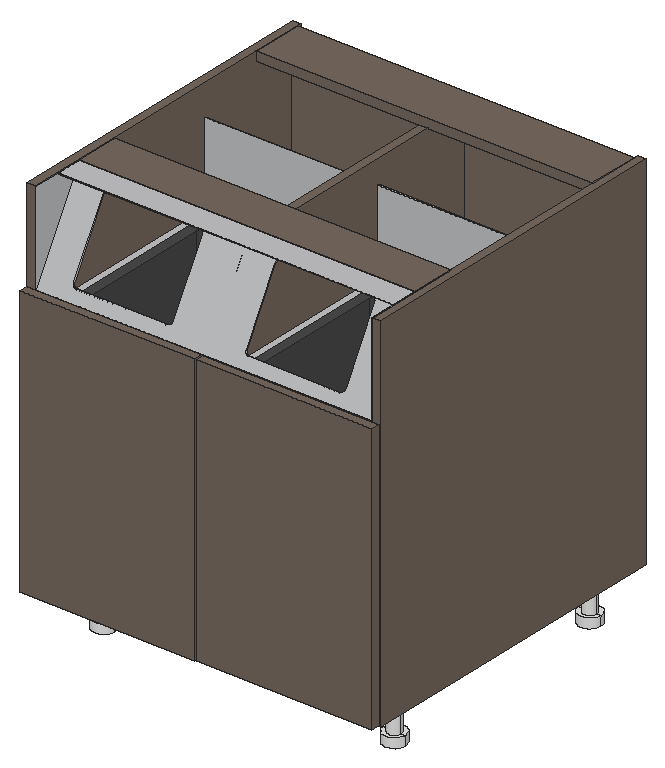
Revit family "Base_Cabinets-Teknion-CEBWU_Base_Cabinet_Recycling_Disposal_Center-R2023", category Furniture, Revit 2023 (continued)
Dimensions and locks (in)
  aligned and locked: curve 36 to Sweep 23
  aligned and locked: curve 37 to cut or joined group of Sweep 16, Sweep 18, Sweep 20, Sweep 21, Sweep 24
  aligned and locked: curve 38 to cut or joined group of Sweep 16, Sweep 18, Sweep 20, Sweep 21, Sweep 24
  aligned and locked: curve 41 to cut or joined group of Sweep 16, Sweep 18, Sweep 20, Sweep 21, Sweep 24
  aligned and locked: cut or joined group of Sweep 16, Sweep 18, Sweep 20, Sweep 21, Sweep 24 to curve 42
  aligned and locked: cut or joined group of Sweep 16, Sweep 18, Sweep 20, Sweep 21, Sweep 24 to curve 50
  aligned and locked: curve 49 to cut or joined group of Sweep 16, Sweep 18, Sweep 20, Sweep 21, Sweep 24
  aligned and locked: curve 45 to cut or joined group of Sweep 16, Sweep 18, Sweep 20, Sweep 21, Sweep 24
  aligned and locked: cut or joined group of Sweep 16, Sweep 18, Sweep 20, Sweep 21, Sweep 24 to curve 46
  aligned and locked: curve 39 to cut or joined group of Sweep 16, Sweep 18, Sweep 20, Sweep 21, Sweep 24
  aligned and locked: cut or joined group of Sweep 16, Sweep 18, Sweep 20, Sweep 21, Sweep 24 to curve 40
  aligned and locked: curve 47 to cut or joined group of Sweep 16, Sweep 18, Sweep 20, Sweep 21, Sweep 24
  aligned and locked: cut or joined group of Sweep 16, Sweep 18, Sweep 20, Sweep 21, Sweep 24 to curve 48
  aligned and locked: curve 43 to cut or joined group of Sweep 16, Sweep 18, Sweep 20, Sweep 21, Sweep 24
  aligned and locked: cut or joined group of Sweep 16, Sweep 18, Sweep 20, Sweep 21, Sweep 24 to curve 44
  aligned and locked: curve 51 to cut or joined group of Sweep 16, Sweep 18, Sweep 20, Sweep 21, Sweep 24
  aligned and locked: curve 52 to cut or joined group of Sweep 16, Sweep 18, Sweep 20, Sweep 21, Sweep 24
  aligned and locked: cut or joined group of Sweep 16, Sweep 18, Sweep 20, Sweep 21, Sweep 24 to curve 53
  aligned and locked: curve 54 to cut or joined group of Sweep 16, Sweep 18, Sweep 20, Sweep 21, Sweep 24
  aligned and locked: curve 55 to cut or joined group of Sweep 16, Sweep 18, Sweep 20, Sweep 21, Sweep 24
  aligned and locked: curve 56 to cut or joined group of Sweep 16, Sweep 18, Sweep 20, Sweep 21, Sweep 24
  aligned and locked: curve 57 to cut or joined group of Sweep 16, Sweep 18, Sweep 20, Sweep 21, Sweep 24
  aligned and locked: curve 58 to cut or joined group of Sweep 16, Sweep 18, Sweep 20, Sweep 21, Sweep 24
  aligned and locked: curve 59 to cut or joined group of Sweep 16, Sweep 18, Sweep 20, Sweep 21, Sweep 24
  aligned and locked: curve 60 to Revolve 9
  aligned and locked: curve 61 to Revolve 9
  aligned and locked: curve 62 to Revolve 9
  aligned and locked: curve 63 to Revolve 9
  aligned and locked: curve 64 to Revolve 6
  aligned and locked: curve 65 to Revolve 6
  aligned and locked: curve 66 to Revolve 6
  aligned and locked: curve 67 to Revolve 6
  aligned and locked: curve 68 to Revolve 8
  aligned and locked: curve 69 to Revolve 8
  aligned and locked: curve 70 to Revolve 8
  aligned and locked: curve 71 to Revolve 8
  aligned and locked: curve 72 to Revolve 7
  aligned and locked: curve 73 to Revolve 7
  aligned and locked: curve 74 to Revolve 7
  aligned and locked: curve 75 to Revolve 7
  aligned and locked: curve 76 to Revolve 28
  aligned and locked: curve 77 to Revolve 28
  aligned and locked: curve 78 to Revolve 28
  aligned and locked: curve 79 to Revolve 28
  aligned and locked: curve 80 to Sweep 26
  aligned and locked: Sweep 26 to curve 82
  aligned and locked: curve 81 to Sweep 26
  aligned and locked: curve 84 to Sweep 26
  aligned and locked: Sweep 26 to curve 85
  aligned and locked: curve 83 to Sweep 26
  aligned and locked: Sweep 11 to curve 90
  aligned and locked: curve 87 to Sweep 11
  aligned and locked: Sweep 11 to curve 88
  aligned and locked: curve 86 to Sweep 11
  aligned and locked: curve 89 to Sweep 11
  aligned and locked: Sweep 11 to curve 91
  aligned and locked: curve 96 to Sweep 26
  aligned and locked: curve 93 to Sweep 26
  aligned and locked: curve 92 to Sweep 26
  aligned and locked: Sweep 26 to curve 94
  aligned and locked: curve 95 to Sweep 26
  aligned and locked: Sweep 26 to curve 97
  aligned and locked: curve 98 to Sweep 5
  aligned and locked: curve 100 to nested 6
  aligned and locked: curve 102 to nested 6
  aligned and locked: curve 104 to nested 6
  aligned and locked: curve 106 to nested 6
  aligned and locked: curve 108 to nested 6
  aligned and locked: curve 110 to nested 6
  aligned and locked: curve 112 to nested 6
  aligned and locked: curve 114 to nested 6
  aligned and locked: curve 116 to nested 8
  aligned and locked: curve 118 to nested 8
  aligned and locked: curve 120 to nested 8
  aligned and locked: curve 122 to nested 8
  aligned and locked: curve 124 to nested 8
  aligned and locked: curve 126 to nested 8
  aligned and locked: curve 128 to nested 8
  aligned and locked: curve 130 to nested 8
  aligned and locked: curve 132 to nested 5
  aligned and locked: curve 134 to nested 5
  aligned and locked: curve 136 to nested 5
  aligned and locked: curve 138 to nested 5
  aligned and locked: curve 140 to nested 5
  aligned and locked: curve 142 to nested 5
  aligned and locked: curve 144 to nested 5
  aligned and locked: curve 146 to nested 5
  aligned and locked: curve 153 to cut or joined group of Sweep 12, Sweep 13, Sweep 14, Sweep 15, Sweep 17
  aligned and locked: nested 5 to curve 157
  aligned and locked: curve 158 to nested 5
  aligned and locked: curve 159 to nested 5
  aligned and locked: curve 163 to nested 5
  aligned and locked: curve 164 to nested 5
  aligned and locked: Sweep 15 to curve 149
  aligned and locked: Sweep 15 to curve 150
  aligned and locked: Sweep 15 to curve 154
  aligned and locked: plane 16 to nested 10
  aligned and locked: plane 7 "Front" to nested 10
  aligned and locked: nested 9 to plane 15
  aligned and locked: plane 7 "Front" to nested 9
  aligned and locked: Sweep 17 sketch curve to Sweep 17 sketch curve  (x2)
  aligned and locked: curve 10 to curve 153
  aligned and locked: curve 10 to curve 165
  aligned and locked: curve 10 to curve 167
  aligned and locked: Sweep 17 to curve 165
  aligned and locked: Sweep 17 to curve 167
  aligned and locked: nested 6 to curve 169
  aligned and locked: curve 172 to nested 6
  aligned and locked: curve 173 to nested 6
  aligned and locked: curve 10 to curve 171
  aligned and locked: curve 10 to curve 169
  aligned and locked: curve 10 to curve 174
  aligned and locked: curve 10 to curve 176
  aligned and locked: curve 174 to Sweep 17
  aligned and locked: curve 176 to Sweep 17
  aligned and locked: nested 8 to curve 178
  aligned and locked: curve 181 to nested 8
  aligned and locked: curve 182 to nested 8
  aligned and locked: curve 10 to curve 178
  aligned and locked: curve 10 to curve 180
  aligned and locked: Sweep 17 to curve 184
  aligned and locked: curve 185 to Sweep 17
  aligned and locked: curve 190 to nested 6
  aligned and locked: curve 191 to nested 6
  aligned and locked: Sweep 17 to curve 194
  aligned and locked: curve 199 to nested 8
  aligned and locked: curve 200 to nested 8
Automatic sketch dimensions
  Sweep 17 sketch curve to profile plane = 0.000"
  Revolve 6 sketch curve to level = 3.11614"
  plane 14 to Revolve 6 sketch curve = 0.02362"
  Revolve 7 sketch curve to level = 2.11614"
  plane 14 to Revolve 7 sketch curve = 0.02362"
  Revolve 8 sketch curve to level = 1.11614"
  Revolve 8 sketch curve to plane 14 = 0.72638"
  Revolve 9 sketch curve to plane 14 = 0.47638"
  Revolve 9 sketch curve to level = 3.11614"
  plane 7 "Front" to Masking region 2 sketch curve = 0.000"
  plane 4 "Left" to Masking region 2 sketch curve = 0.05906"
  plane 5 "Right" to Masking region 2 sketch curve = 0.05906"
  Masking region 2 sketch curve to plane 7 "Front" = 0.70079"
  Sweep 11 sketch curve to Sweep 11 sketch curve = 0.15748"  (x2)
  Sweep 11 sketch curve to Sweep 11 sketch curve = 0.000"  (x4)
  Sweep 15 sketch curve to profile plane = 0.000"
  profile plane to Sweep 15 sketch curve = 0.3937"
  Sweep 15 sketch curve to Sweep 15 sketch curve = 0.3937"  (x2)
  Sweep 15 sketch curve to Sweep 15 sketch curve = 6.02362"  (x2)
  Sweep 15 sketch curve to plane 3 "Center Left/Right" = 3.8563"
  plane 3 "Center Left/Right" to Sweep 15 sketch curve = 3.8563"
  Sweep 19 sketch curve to Sweep 19 sketch curve = 7.35781"
  Sweep 19 sketch curve to Sweep 19 sketch curve = 3.06859"
  Sweep 26 sketch curve to Sweep 26 sketch curve = 0.15748"  (x4)
  Sweep 26 sketch curve to Sweep 26 sketch curve = 0.000"  (x8)
  Revolve 28 sketch curve to level = 1.8035"
  plane 12 to Revolve 28 sketch curve = 0.44453"
  Sweep 17 sketch curve to Sweep 17 sketch curve = 0.3937"  (x2)
  profile plane to Sweep 17 sketch curve = 0.3937"  (x2)
  profile plane to Sweep 17 sketch curve = 6.41732"
  plane 7 "Front" to curve 88 = 0.000"
  plane 7 "Front" to curve 89 = 0.000"
  plane 7 "Front" to curve 91 = 0.000"
  plane 7 "Front" to curve 92 = 0.000"
  plane 7 "Front" to curve 94 = 0.000"
  plane 7 "Front" to curve 86 = 0.000"
  plane 7 "Front" to curve 85 = 0.000"
  plane 7 "Front" to curve 95 = 0.000"
  plane 7 "Front" to curve 97 = 0.000"
  plane 7 "Front" to curve 80 = 0.000"
  plane 7 "Front" to curve 82 = 0.000"
  plane 7 "Front" to curve 83 = 0.000"
  curve 72 to plane 11 "Foot 1" = 0.000"  (x2)
  curve 79 to plane 11 "Foot 1" = 0.000"  (x2)
  curve 78 to plane 11 "Foot 1" = 0.000"  (x2)
  curve 67 to plane 11 "Foot 1" = 0.000"  (x2)
  curve 66 to plane 11 "Foot 1" = 0.000"  (x2)
  curve 74 to plane 11 "Foot 1" = 0.000"  (x2)
  curve 68 to plane 10 "Foot 2" = 0.000"  (x2)
  curve 63 to plane 10 "Foot 2" = 0.000"  (x2)
  curve 62 to plane 10 "Foot 2" = 0.000"  (x2)
  curve 69 to plane 10 "Foot 2" = 0.000"  (x2)
  curve 193 to plane 7 "Front" = 1.33858"
  curve 134 to curve 148 = 0.37358"
  curve 102 to curve 185 = 0.37358"
  curve 154 to curve 35 = 0.30161"
  curve 175 to plane 11 "Foot 1" = 0.86066"
  curve 165 to plane 11 "Foot 1" = 0.86066"
  curve 193 to curve 195 = 0.04091"
  curve 183 to curve 186 = 0.04091"
  curve 148 to curve 147 = 0.04091"
  curve 177 to curve 175 = 0.04091"
  curve 168 to curve 165 = 0.04091"
  curve 151 to curve 152 = 0.04091"
  curve 11 to curve 24 = 0.000"
  curve 12 to curve 25 = 0.000"
  curve 13 to curve 26 = 0.000"
  curve 14 to curve 27 = 0.000"
  curve 15 to curve 28 = 0.000"
  curve 16 to curve 29 = 0.000"
  curve 11 to curve 18 = 0.000"
  curve 12 to curve 19 = 0.000"
  curve 13 to curve 20 = 0.000"
  curve 14 to curve 21 = 0.000"
  curve 15 to curve 22 = 0.000"
  curve 16 to curve 23 = 0.000"
  curve 6 to plane 6 "Back" = 0.31496"
  curve 5 to plane 6 "Back" = 0.31496"
Nested families (in)
  nested 1: "Teknion_2D_Node_Family-R2016" at (6, 0, 0), type "Teknion_2D_Node_Family-R2016"
  nested 2: "Teknion_2D_Node_Family-R2016" at (6, -29, 0), type "Teknion_2D_Node_Family-R2016"
  nested 3: "Teknion_2D_Node_Family-R2016" at (36, 0, 0), type "Teknion_2D_Node_Family-R2016"
  nested 4: "Teknion_2D_Node_Family-R2016" at (36, -29, 0), type "Teknion_2D_Node_Family-R2016"
  nested 5: "Bin" at (27.1811, -36.07043, -5.32835) x (-1, 0, 0) z (0, 0, 1), visible <- "1 & 3 Bins", type "Bin"
    with To render please download texture images found here "https://assets.teknion.com/web/5e81352c1dfdb467/revit-material-swatches/", How To Use Teknion Materials User Guide "https://assets.teknion.com/m/205dd0a49fa58060/original/How-to-add-a-Material-Library-and-Texture-Images-to-your-Revit-project.pdf", For Additional Finishes please visit "https://assets.teknion.com/m/44a8009b046e5d47/original/Teknion_Materials_Library.zip"
  nested 6: "Bin" at (19.8561, -36.07043, -5.32835) x (-1, 0, 0) z (0, 0, 1), visible <- "2 & 3 Bins", type "Bin"
    with To render please download texture images found here "https://assets.teknion.com/web/5e81352c1dfdb467/revit-material-swatches/", How To Use Teknion Materials User Guide "https://assets.teknion.com/m/205dd0a49fa58060/original/How-to-add-a-Material-Library-and-Texture-Images-to-your-Revit-project.pdf", For Additional Finishes please visit "https://assets.teknion.com/m/44a8009b046e5d47/original/Teknion_Materials_Library.zip"
  nested 7: "Teknion_2D_Node_Family-R2016" at (21, -29, 0), visible <- "2D - Symbol - 1 & 3 Doors", type "Teknion_2D_Node_Family-R2016"
  nested 8: "Bin" at (34.5061, -36.07043, -5.32835) x (-1, 0, 0) z (0, 0, 1), visible <- "2 & 3 Bins", type "Bin"
    with To render please download texture images found here "https://assets.teknion.com/web/5e81352c1dfdb467/revit-material-swatches/", How To Use Teknion Materials User Guide "https://assets.teknion.com/m/205dd0a49fa58060/original/How-to-add-a-Material-Library-and-Texture-Images-to-your-Revit-project.pdf", For Additional Finishes please visit "https://assets.teknion.com/m/44a8009b046e5d47/original/Teknion_Materials_Library.zip"
  nested 9: "Teknion_2D_Node_Family-R2016" at (13.675, -29, 0), visible <- "2D - Symbol - 2 & 3 Doors", type "Teknion_2D_Node_Family-R2016"
  nested 10: "Teknion_2D_Node_Family-R2016" at (28.325, -29, 0), visible <- "2D - Symbol - 2 & 3 Doors", type "Teknion_2D_Node_Family-R2016"
Definition of nested family "Bin"
  Parameters (values of type "Bin")
    Warranty = "http://www.teknion.com/ca/papers/legal-canada"
    Unit Weight URL = "http://www.teknion.com/ca/tools/assets#&asset=bee6a381-b954-425e-8283-5a2de3a804f2,f828d448-4b62-4231-9e5f-9a8991c0ed77"
    URL = "www.teknion.com"
    To render please download texture images found here [instance] = "https://assets.teknion.com/web/5e81352c1dfdb467/revit-material-swatches/"
    Sustainability Data = "https://www.teknion.com/ca/tools/assets#&topic=216f99a5-57a0-44fc-b10a-9dee9b29ae4c&asset=444deb64-fe58-4b68-981e-f75e97781df7,b4ff2d81-9f2e-437d-9659-7cffb09c31cf"
    Series = ""
    Product Page URL = ""
    Product Line = ""
    Product Documentation Link = ""
    Part Number = ""
    Model = ""
    Manufacturer Phone = "416-661-3370"  # constant formula
    Manufacturer Fax = "416.661.4586"  # constant formula
    Manufacturer Contact Information = "http://www.teknion.com/ca/contactus"
    Manufacturer Address = "1150 Flint Road, Toronto, ON. M3J 2J5. Canada"  # constant formula
    Manufacturer = "Teknion"  # constant formula
    How To Use Teknion Materials User Guide [instance] = "https://assets.teknion.com/m/205dd0a49fa58060/original/How-to-add-a-Material-Library-and-Texture-Images-to-your-Revit-project.pdf"
    For Additional Finishes please visit [instance] = "https://assets.teknion.com/m/44a8009b046e5d47/original/Teknion_Materials_Library.zip"
    Description = "Bin"
    Default Elevation = 0.000"
    Assembly Code = "E2020200"
  Reference planes (in)
    plane 1 "Center Front/Back": y = -15.53543
    plane 2: z = 0
    plane 3 "Center Left/Right": x = 6.1811
    plane 4 "Left": x = 1.1811
    plane 5 "Right": x = 11.1811
    plane 6 "Back": y = -8.03543
    plane 7 "Front": y = -23.03543
    plane 8 "Top": z = 31.91102
    plane 9: z = 11.43858
  Forms (in)
    Sweep 1, solid
      path origin (0, -15.53543, 0) x (1, 0, 0) y (0, 0, 1)
        loop
          line (6.1811, 11.43858) -> (6.1811, 30.72992)
      profile origin (6.1811, -15.53543, 21.08425) x (-1, 0, 0) y (0, -1, 0)
        loop
          line (-4.40945, 5.98425) -> (-4.40945, -5.98425)
          arc (-4.40945, -5.98425) -> (-4.17882, -6.54103) -> (-3.62205, -6.77165) r 0.7874
          line (-3.62205, -6.77165) -> (3.62205, -6.77165)
          arc (3.62205, -6.77165) -> (4.17882, -6.54103) -> (4.40945, -5.98425) r 0.7874
          line (4.40945, -5.98425) -> (4.40945, 5.98425)
          arc (4.40945, 5.98425) -> (4.17882, 6.54103) -> (3.62205, 6.77165) r 0.7874
          line (3.62205, 6.77165) -> (-3.62205, 6.77165)
          arc (-3.62205, 6.77165) -> (-4.17882, 6.54103) -> (-4.40945, 5.98425) r 0.7874
    Sweep 2, solid
      path origin (0, -15.53543, 0) x (1, 0, 0) y (0, 0, 1)
        loop
          line (6.1811, 31.91102) -> (6.1811, 30.72992)
      profile origin (6.1811, -15.53543, 31.32047) x (0, -1, 0) y (1, 0, 0)
        loop
          line (6.7126, 5) -> (-6.7126, 5)
          arc (-6.7126, 5) -> (-7.26938, 4.76938) -> (-7.5, 4.2126) r 0.7874
          line (-7.5, 4.2126) -> (-7.5, -4.2126)
          arc (-7.5, -4.2126) -> (-7.26938, -4.76938) -> (-6.7126, -5) r 0.7874
          line (-6.7126, -5) -> (6.7126, -5)
          arc (6.7126, -5) -> (7.26938, -4.76938) -> (7.5, -4.2126) r 0.7874
          line (7.5, -4.2126) -> (7.5, 4.2126)
          arc (7.5, 4.2126) -> (7.26938, 4.76938) -> (6.7126, 5) r 0.7874
    Sweep 3, void
      path origin (0, -15.53543, 0) x (1, 0, 0) y (0, 0, 1)
        loop
          line (6.1811, 12.22598) -> (6.1811, 33.22598)
      profile origin (6.1811, -15.53543, 22.72598) x (-1, 0, 0) y (0, -1, 0)
        loop
          line (4.17323, -5.90551) -> (4.17323, 5.90551)
          arc (4.17323, 5.90551) -> (4.00026, 6.32309) -> (3.58268, 6.49606) r 0.59055
          line (3.58268, 6.49606) -> (-3.58268, 6.49606)
          arc (-3.58268, 6.49606) -> (-4.00026, 6.32309) -> (-4.17323, 5.90551) r 0.59055
          line (-4.17323, 5.90551) -> (-4.17323, -5.90551)
          arc (-4.17323, -5.90551) -> (-4.00026, -6.32309) -> (-3.58268, -6.49606) r 0.59055
          line (-3.58268, -6.49606) -> (3.58268, -6.49606)
          arc (3.58268, -6.49606) -> (4.00026, -6.32309) -> (4.17323, -5.90551) r 0.59055
  Cuts and joins
    Sweep 3 cuts Sweep 1
    Sweep 3 cuts Sweep 2
    joined: Sweep 1, Sweep 2
  Lines and regions (in)
    symbolic lines, detail levels medium+fine
      curve 1: line (10.3937, -8.03543, 0) -> (1.9685, -8.03543, 0)
      curve 2: arc (1.9685, -8.03543, 0) -> (1.41173, -8.26606, 0) -> (1.1811, -8.82283, 0) r 0.7874
      curve 3: line (1.1811, -8.82283, 0) -> (1.1811, -22.24803, 0)
      curve 4: arc (1.1811, -22.24803, 0) -> (1.41173, -22.80481, 0) -> (1.9685, -23.03543, 0) r 0.7874
      curve 5: line (1.9685, -23.03543, 0) -> (10.3937, -23.03543, 0)
      curve 6: arc (10.3937, -23.03543, 0) -> (10.95048, -22.80481, 0) -> (11.1811, -22.24803, 0) r 0.7874
      curve 7: line (11.1811, -22.24803, 0) -> (11.1811, -8.82283, 0)
      curve 8: arc (11.1811, -8.82283, 0) -> (10.95048, -8.26606, 0) -> (10.3937, -8.03543, 0) r 0.7874
      curve 9: line (2.59843, -9.03937, 0) -> (9.76378, -9.03937, 0)
      curve 10: arc (9.76378, -9.03937, 0) -> (10.18136, -9.21234, 0) -> (10.35433, -9.62992, 0) r 0.59055
      curve 11: line (10.35433, -9.62992, 0) -> (10.35433, -21.44094, 0)
      curve 12: arc (10.35433, -21.44094, 0) -> (10.18136, -21.85853, 0) -> (9.76378, -22.0315, 0) r 0.59055
      curve 13: line (9.76378, -22.0315, 0) -> (2.59843, -22.0315, 0)
      curve 14: arc (2.59843, -22.0315, 0) -> (2.18084, -21.85853, 0) -> (2.00787, -21.44094, 0) r 0.59055
      curve 15: line (2.00787, -21.44094, 0) -> (2.00787, -9.62992, 0)
      curve 16: arc (2.00787, -9.62992, 0) -> (2.18084, -9.21234, 0) -> (2.59843, -9.03937, 0) r 0.59055
      curve 17: line (9.80315, -8.76378, 0) -> (2.55906, -8.76378, 0)
      curve 18: line (1.77165, -9.55118, 0) -> (1.77165, -21.51969, 0)
      curve 19: line (2.55906, -22.30709, 0) -> (9.80315, -22.30709, 0)
      curve 20: arc (1.77165, -9.55118, 0) -> (2.00228, -8.9944, 0) -> (2.55906, -8.76378, 0) r 0.7874
      curve 21: arc (1.77165, -21.51969, 0) -> (2.00228, -22.07646, 0) -> (2.55906, -22.30709, 0) r 0.7874
      curve 22: arc (10.59055, -21.51969, 0) -> (10.35993, -22.07646, 0) -> (9.80315, -22.30709, 0) r 0.7874
      curve 23: arc (10.59055, -9.55118, 0) -> (10.35993, -8.9944, 0) -> (9.80315, -8.76378, 0) r 0.7874
      curve 24: line (10.59055, -21.51969, 0) -> (10.59055, -9.55118, 0)
  Dimensions and locks (in)
    plane 4 "Left" to plane 5 "Right" = 10.000"
    plane 6 "Back" to plane 7 "Front" = 15.000"
    plane 8 "Top" to level = 31.91102"
    equal spacing: plane 6 "Back", plane 1 "Center Front/Back", plane 7 "Front"
    equal spacing: plane 4 "Left", plane 3 "Center Left/Right", plane 5 "Right"
    locked: plane 9 to plane 2 at 11.43858
    aligned and locked: level to plane 2
    aligned and locked: curve 24 to cut or joined group of Sweep 1, Sweep 2, Sweep 3
  Automatic sketch dimensions
    Sweep 1 sketch curve to plane 3 "Center Left/Right" = 0.000"
    Sweep 1 sketch curve to plane 9 = 0.000"
    Sweep 1 sketch curve to plane 8 "Top" = 1.1811"
    profile plane to Sweep 1 sketch curve = 4.40945"
    Sweep 1 sketch curve to Sweep 1 sketch curve = 0.7874"  (x3)
    Sweep 1 sketch curve to profile plane = 3.62205"  (x2)
    Sweep 1 sketch curve to plane 1 "Center Front/Back" = 6.77165"
    plane 1 "Center Front/Back" to Sweep 1 sketch curve = 5.98425"
    Sweep 2 sketch curve to plane 3 "Center Left/Right" = 0.000"
    Sweep 2 sketch curve to plane 8 "Top" = 0.000"
    Sweep 2 sketch curve to Sweep 2 sketch curve = 1.1811"
    Sweep 2 sketch curve to plane 1 "Center Front/Back" = 7.500"
    Sweep 2 sketch curve to Sweep 2 sketch curve = 0.7874"  (x3)
    plane 1 "Center Front/Back" to Sweep 2 sketch curve = 6.7126"  (x2)
    profile plane to Sweep 2 sketch curve = 5.000"
    Sweep 2 sketch curve to profile plane = 4.2126"
    Sweep 3 sketch curve to plane 3 "Center Left/Right" = 0.000"
    plane 9 to Sweep 3 sketch curve = 0.7874"
    plane 8 "Top" to Sweep 3 sketch curve = 1.31496"
    profile plane to Sweep 3 sketch curve = 4.17323"
    Sweep 3 sketch curve to Sweep 3 sketch curve = 0.59055"  (x3)
    Sweep 3 sketch curve to profile plane = 3.58268"  (x2)
    Sweep 3 sketch curve to plane 1 "Center Front/Back" = 6.49606"
    plane 1 "Center Front/Back" to Sweep 3 sketch curve = 5.90551"
    curve 3 to plane 4 "Left" = 0.000"
    plane 7 "Front" to curve 4 = 0.000"
    curve 1 to plane 6 "Back" = 0.000"
    curve 8 to plane 5 "Right" = 0.000"
    plane 4 "Left" to curve 18 = 0.59055"
    plane 4 "Left" to curve 5 = 0.7874"
    plane 4 "Left" to curve 1 = 0.7874"
    curve 18 to curve 15 = 0.23622"
    curve 16 to curve 20 = 0.55118"
    curve 4 to curve 19 = 0.59055"
    curve 21 to curve 14 = 0.03937"
    curve 20 to curve 9 = 0.03937"
    plane 5 "Right" to curve 9 = 1.41732"
    curve 12 to curve 22 = 0.03937"
    curve 10 to curve 23 = 0.03937"
    curve 22 to curve 11 = 0.55118"
    plane 5 "Right" to curve 5 = 0.7874"
    curve 17 to curve 8 = 0.59055"
    curve 19 to curve 6 = 0.05906"
    curve 22 to curve 12 = 0.07874"
    curve 16 to curve 2 = 0.80709"
    curve 10 to curve 23 = 0.07874"
    curve 16 to curve 20 = 0.07874"
Definition of nested family "Teknion_2D_Node_Family-R2016"
  Reference planes (in)
    plane 1 "Center (Front/Back)": y = 0
    plane 2: z = 0
    plane 3 "Center (Left/Right)": x = 0
  Lines and regions (in)
    detail lines, in view "Ref. Level"
      curve 1: circle (0, 0, 0) r 1.25 normal (0, 0, 1)
      curve 2: line (1.91508, -1.91508, 0) -> (-1.91508, 1.91508, 0)
      curve 3: line (-1.91508, -1.91508, 0) -> (1.91508, 1.91508, 0)
Types (4): name | Width | T - Triple | S - Single | Divider - 3 Bins | Divider - 2 Bins | Model | Dim 2 | Dim 1 | Description | D - Dual | Cut-Out - Front - 2 & 3 Doors | Cut-Out - Front - 1 & 3 Doors | Cut-Out - 2 & 3 Bin | Cut-Out - 1 & 3 Bin | Cut - Divider - 3 Bins | Cut - Divider - 2 Bins | Cut - 3 Doors | Cut - 2 Doors | 2D - 1 & 2 Bins | 2D - 1 & 3 Bins | 2 & 3 Bins | 1 & 3 Bins
  (no name) | 30.000" | no | no | no | yes | "CEBWUD__35_N" | 4.000" | 7.325" | "Base Cabinet - Recycling/Disposal Center, Dual Configuration, 35\" Height, No Door Swing Direction" | yes | 1.000" | 0.200" | 2.000" | 0.200" | 0.200" | 15.000" | 0.200" | 3.000" | yes | no | yes | no
  Triple Configuration | 45.000" | yes | no | yes | no | "CEBWUT__35_N" | 7.500" | 14.825" | "Base Cabinet - Recycling/Disposal Center, Triple Configuration, 35\" Height, No Door Swing Direction" | no | 1.000" | 1.000" | 2.000" | 2.000" | 15.000" | 0.200" | 3.000" | 0.200" | no | yes | yes | yes
  Dual Configuration | 30.000" | no | no | no | yes | "CEBWUD__35_N" | 4.000" | 7.325" | "Base Cabinet - Recycling/Disposal Center, Dual Configuration, 35\" Height, No Door Swing Direction" | yes | 1.000" | 0.200" | 2.000" | 0.200" | 0.200" | 15.000" | 0.200" | 3.000" | yes | no | yes | no
  Single Configuration | 15.000" | no | yes | no | no | "CEBWUS__35__" | 4.000" | 14.825" | "Base Cabinet - Recycling/Disposal Center, Single Configuration, 35\" Height" | no | 0.200" | 1.000" | 0.200" | 2.000" | 0.200" | 0.200" | 0.200" | 0.200" | yes | yes | no | yes
